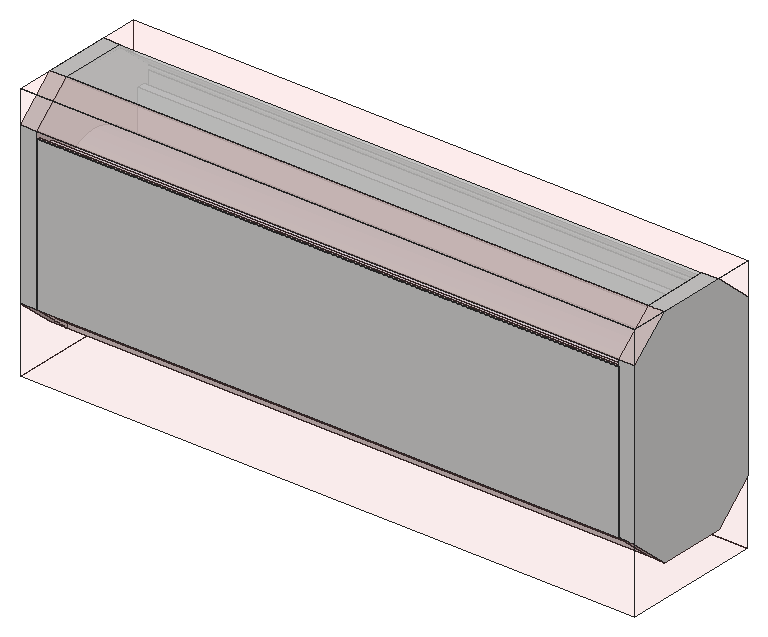
Revit family "Air-Curtain_Customer-Entry_PoweredAire_MP", category Mechanical Equipment, host Face, Revit 2024
Family settings
  Host = Face
  Round Connector Dimension = Use Diameter
  Part Type = Normal
  OmniClass Number = 23.75.35.17.21
  OmniClass Title = Air Curtains
  Cut with Voids When Loaded = No
  Maintain Annotation Orientation = No
  Shared = No
  Room Calculation Point = No
Parameters
  Warranty Duration (Years) = 0
  Unit Width Notes = "Other Widths available."  # constant formula
  Unit Width = 3' - 1"
  Unit Weight = 0
  Unit Height = 0' - 8 1/2"
  Unit Depth = 1' - 1 1/2"
  URL = "http://www.poweredaire.com/"
  Test Data = ""
  Standards Conformance = "as Specified"
  Specification = "http://www.arcat.com/sdspecs/htm04/23_34_33pai.htm"
  SpecWizard = ""
  Sound Pressure = "as Specified"
  Sales Information = "http://www.poweredaire.com/contact_us"
  Revision = "R1_2016-08"
  Projection from Host [instance] = 0' - 2"
  Product Properties = ""
  Product Data = "http://www.arcat.com/arcatcos/cos47/arc47623.html"
  Power Rating = 0 W
  Nozzle Width = if(1 = 1, Unit Width - 0' 2", 0' 0")  # 2' - 11"
  Mounting Width = if(1 = 1, Unit Width - 0' 1", 0' 0")  # 3' - 0"
  Mounting Height [instance] = 3' - 6"
  Motor RPM = 0
  Motor HP = 0
  Motor Count = 0
  Model = "As Specified"
  Max Height = 0' - 0"
  Manufacturer Website = "http://www.poweredaire.com/"
  Manufacturer Phone - Toll Free = "888-321-2473"
  Manufacturer Phone = "724-588-3305"
  Manufacturer Fax = "724-588-3371"
  Manufacturer Address = "109 Mortensen Rd.  Greenville, PA 16125"
  Manufacturer = "Powered Aire, Inc"
  Maintenance Schedule (Months) = 0
  Keynote = "23 34 33"
  Installation-Fabrication = ""
  Installation Phase = ""
  Include Clearance [instance] = yes
  Heating Element Load = 0 W
  HVAC_Temperature Rise = 0 °F
  HVAC_Outlet Volume = 0 CFM
  HVAC_Outlet Velocity Uniformity = 0
  HVAC_Outlet Velocity = 0 FPM
  Green Building-LEED = "http://www.arcat.com/green/clients/leed_data_47623.html"
  Front Grating Material [instance] = Metal - Steel - PoweredAire - Stainless 304 Perforated
  Frame Finish [instance] = Metal - Steel - PoweredAire - Stainless 304
  Expected Lifespan (Years) = 0
  Electrical_Wattage [instance] = Power Rating + Heating Element Load  # 0 W
  Electrical_Voltage [instance] = 0 V
  Electrical_Phase [instance] = 1
  Electrical_Frequency [instance] = 0 Hz
  Electrical_Amperage [instance] = 0 A
  Drawn By = "Sumex Design, Inc. / Robert S. Weygant, CSI, CDT, SCIP"
  Description = "Powered Aire Air Curtain as Specified"
  Default Elevation = 0' - 0"  # constant formula
  Copyright = "©Arcat Inc."
  Construction Details = "http://www.arcat.com/details/powair/prod3336.html"
  Clearance_Top [instance] = 0' - 0"
  Clearance_Side B [instance] = 0' - 0"
  Clearance_Side A [instance] = 0' - 0"
  Clearance_Intake [instance] = 0' - 0"
  Clearance_Bottom [instance] = 0' - 0"
  Clearance Material [instance] = ARCAT Clearance
  Building Codes = ""
  Available Options [instance] = "as Specified"
  Assembly Code = "D3090400"
Reference planes (in)
  plane 1 "Center (Elevation)": y = 0.13818
  plane 2: z = 0
  plane 3 "Center (Left/Right)": x = 0
  plane 4: y = 4.38818
  plane 5: y = -4.11182
  plane 6: x = -18.5
  plane 7: x = 18.5
  plane 8: z = 15.5
  plane 9 "FF": y = -41.86182
  plane 10: z = 2
  plane 11: x = 17.5
  plane 12: x = -17.5
  plane 13: y = 4.38818
  plane 14: y = -4.11182
  plane 15: x = -18.5
  plane 16: x = 18.5
  plane 17: z = 15.5
Forms (in)
  Extrusion 1, solid, material "Metal - Steel - PoweredAire - Stainless 304" <- "Frame Finish"
    sketch origin (0, 0, 0) x (0, 1, 0) y (0, 0, 1)
      loop
        line (2.13818, 2) -> (4.38818, 3.94454) -> (4.38818, 13.55546) -> (2.13818, 15.5) -> (-1.86182, 15.5) -> (-4.11182, 13.55546) -> (-4.11182, 3.94454) -> (-1.86182, 2) -> (2.13818, 2)
    from 17.5 to 18.5
  Extrusion 2, solid, material "Metal - Steel - PoweredAire - Stainless 304" <- "Frame Finish"
    sketch origin (0, 0, 0) x (0, 1, 0) y (0, 0, -1)
      loop
        line (2.13818, -2) -> (-1.86182, -2) -> (-4.11182, -3.94454) -> (-4.11182, -13.55546) -> (-1.86182, -15.5) -> (2.13818, -15.5) -> (4.38818, -13.55546) -> (4.38818, -3.94454) -> (2.13818, -2)
    from 17.5 to 18.5
  Extrusion 3, solid, material "Metal - Steel - PoweredAire - Stainless 304" <- "Frame Finish"
    sketch origin (0, 0, 0) x (0, 1, 0) y (0, 0, 1)
      loop
        line (-1.86182, 2) -> (2.13818, 2) -> (4.38818, 3.94454) -> (4.38818, 13.19454) -> (4.26318, 13.19454) -> (4.26318, 3.99632) -> (2.0979, 2.125) -> (-1.73682, 2.125) -> (-1.73682, 4.06954) -> (-3.98682, 4.06954) -> (-3.98682, 13.19454) -> (-4.11182, 13.19454) -> (-4.11182, 3.94454) -> (-1.86182, 3.94454) -> (-1.86182, 2)
      loop
        line (-3.39819, 3.61034) -> (-2.6202, 2.83235) -> (-2.49472, 2.95783) -> (-3.27271, 3.73583) -> (-3.39819, 3.61034)
    from -17.5 to 17.5
  Extrusion 4, solid, material "Metal - Steel - PoweredAire - Stainless 304 Perforated" <- "Front Grating Material"
    sketch origin (0, 0, 0) x (0, 1, 0) y (0, 0, 1)
      loop
        line (-4.11182, 13.19454) -> (-3.98682, 13.19454) -> (-3.98682, 13.50368) -> (-1.82155, 15.375) -> (2.0979, 15.375) -> (4.26318, 13.50368) -> (4.26318, 13.19454) -> (4.38818, 13.19454) -> (4.38818, 13.55546) -> (2.13818, 15.5) -> (-1.86182, 15.5) -> (-4.11182, 13.55546) -> (-4.11182, 13.19454)
    from -17.5 to 17.5
  Extrusion 5, solid, material "ARCAT Clearance" <- "Clearance Material", visible <- "Include Clearance"
    sketch origin (0, 0, 0) x (0, 1, 0) y (0, 0, 1)
      loop
        line (-4.11182, 15.5) -> (-4.11182, 0) -> (4.38818, 0) -> (4.38818, 15.5) -> (-4.11182, 15.5)
    from -18.5 to 18.5
  Extrusion 6, solid
    sketch origin (0, 0, 0) x (0, 1, 0) y (0, 0, 1)
      loop
        line (-3.59559, 12.66567) -> (-3.59559, 4.66567) -> (-3.09559, 4.66567) -> (-3.09559, 12.66567) -> (-3.59559, 12.66567)
      loop
        circle (0.13818, 9.1356) r 2.75
      loop
        line (3.87195, 12.66567) -> (3.37195, 12.66567) -> (3.37195, 4.66567) -> (3.87195, 4.66567) -> (3.87195, 12.66567)
    from -17.5 to 17.5
Dimensions and locks (in)
  equal spacing: plane 4, plane 1 "Center (Elevation)", plane 5
  "Unit Height": plane 4 to plane 5
  equal spacing: plane 6, plane 3 "Center (Left/Right)", plane 7
  "Unit Width": plane 6 to plane 7
  "Mounting Height": plane 1 "Center (Elevation)" to plane 9 "FF"
  "Projection from Host": plane 10 to level
  "Unit Depth": plane 8 to plane 10
  locked: plane 6 to plane 12 at 1
  locked: plane 11 to plane 7 at 1
  "Clearance_Side A": plane 7 to plane 16
  "Clearance_Side B": plane 15 to plane 6
  "Clearance_Top": plane 13 to plane 4
  "Clearance_Bottom": plane 5 to plane 14
  "Clearance_Intake": plane 17 to plane 8
  aligned and locked: plane 2 to host face
  aligned and locked: level to host face
  aligned and locked: plane 7 to Extrusion 1
  aligned and locked: Extrusion 1 to plane 11
  aligned and locked: plane 12 to Extrusion 2
  aligned and locked: Extrusion 2 to plane 6
  aligned and locked: plane 11 to Extrusion 3
  aligned and locked: Extrusion 3 to plane 12
  aligned and locked: plane 11 to Extrusion 4
  aligned and locked: Extrusion 4 to plane 12
  aligned and locked: Extrusion 5 sketch curve to plane 17
  aligned and locked: plane 14 to Extrusion 5 sketch curve
  aligned and locked: level to Extrusion 5 sketch curve
  aligned and locked: Extrusion 5 sketch curve to plane 13
  aligned and locked: plane 16 to Extrusion 5
  aligned and locked: Extrusion 5 to plane 15
  aligned and locked: plane 11 to Extrusion 6
  aligned and locked: Extrusion 6 to plane 12
Automatic sketch dimensions
  host sketch curve to host sketch curve = 8' - 0"  (x2)
  Extrusion 1 sketch curve to plane 5 = 0' - 0"
  Extrusion 1 sketch curve to plane 8 = 0' - 0"
  Extrusion 1 sketch curve to plane 4 = 0' - 0"
  plane 1 "Center (Elevation)" to Extrusion 1 sketch curve = 0' - 2"
  Extrusion 1 sketch curve to plane 1 "Center (Elevation)" = 0' - 2"  (x2)
  plane 10 to Extrusion 1 sketch curve = 0' - 1.94454"  (x2)
  Extrusion 1 sketch curve to plane 8 = 0' - 1.94454"  (x2)
  plane 5 to Extrusion 1 sketch curve = 0' - 2 1/4"
  Extrusion 1 sketch curve to plane 10 = 0' - 0"
  Extrusion 2 sketch curve to plane 5 = 0' - 0"
  Extrusion 2 sketch curve to plane 8 = 0' - 0"
  Extrusion 2 sketch curve to plane 10 = 0' - 0"
  Extrusion 2 sketch curve to plane 4 = 0' - 0"
  plane 1 "Center (Elevation)" to Extrusion 2 sketch curve = 0' - 2"
  Extrusion 2 sketch curve to plane 1 "Center (Elevation)" = 0' - 2"  (x2)
  Extrusion 2 sketch curve to plane 8 = 0' - 1.94454"  (x2)
  plane 10 to Extrusion 2 sketch curve = 0' - 1.94454"  (x2)
  plane 5 to Extrusion 2 sketch curve = 0' - 2 1/4"
  Extrusion 4 sketch curve to plane 5 = 0' - 0"
  Extrusion 4 sketch curve to plane 8 = 0' - 0"
  Extrusion 4 sketch curve to plane 4 = 0' - 0"
  plane 5 to Extrusion 4 sketch curve = 0' - 0 1/8"
  plane 1 "Center (Elevation)" to Extrusion 4 sketch curve = 0' - 2"
  Extrusion 4 sketch curve to Extrusion 4 sketch curve = 0' - 0.04027"  (x2)
  Extrusion 4 sketch curve to Extrusion 4 sketch curve = 0' - 0 1/8"
  Extrusion 4 sketch curve to plane 8 = 0' - 1.94454"  (x2)
  Extrusion 4 sketch curve to Extrusion 4 sketch curve = 0' - 0.05178"  (x2)
  Extrusion 4 sketch curve to Extrusion 4 sketch curve = 0' - 0.30914"  (x2)
  Extrusion 4 sketch curve to plane 8 = 0' - 0 1/8"
  Extrusion 4 sketch curve to plane 1 "Center (Elevation)" = 0' - 1.95973"
  Extrusion 3 sketch curve to plane 5 = 0' - 0"
  Extrusion 3 sketch curve to plane 4 = 0' - 0"
  plane 5 to Extrusion 3 sketch curve = 0' - 0 1/8"
  plane 5 to Extrusion 3 sketch curve = 0' - 0.71363"
  Extrusion 3 sketch curve to Extrusion 3 sketch curve = 0' - 0.12548"  (x2)
  Extrusion 3 sketch curve to Extrusion 3 sketch curve = 0' - 0.778"
  Extrusion 3 sketch curve to Extrusion 3 sketch curve = 0' - 0.63289"
  Extrusion 3 sketch curve to Extrusion 3 sketch curve = 0' - 0 1/8"  (x2)
  Extrusion 3 sketch curve to plane 4 = 0' - 0 1/8"
  plane 10 to Extrusion 3 sketch curve = 0' - 0.83235"
  Extrusion 3 sketch curve to Extrusion 3 sketch curve = 0' - 0.3342"
  plane 10 to Extrusion 3 sketch curve = 0' - 1.94454"
  Extrusion 3 sketch curve to Extrusion 3 sketch curve = 0' - 0.05178"
  Extrusion 3 sketch curve to plane 8 = 0' - 2.30546"  (x2)
  Extrusion 3 sketch curve to plane 1 "Center (Elevation)" = 0' - 2"
  plane 10 to Extrusion 3 sketch curve = 0' - 0 1/8"
  Extrusion 3 sketch curve to Extrusion 3 sketch curve = 0' - 0.04027"
  Extrusion 3 sketch curve to plane 10 = 0' - 0"
  Extrusion 6 sketch curve to plane 1 "Center (Elevation)" = 0' - 0"
  plane 5 to Extrusion 6 sketch curve = 0' - 1.01623"
  Extrusion 6 sketch curve to Extrusion 6 sketch curve = 0' - 0 1/2"  (x2)
  Extrusion 6 sketch curve to plane 4 = 0' - 1.01623"
  plane 10 to Extrusion 6 sketch curve = 0' - 2.66567"  (x2)
  Extrusion 6 sketch curve to Extrusion 6 sketch curve = 0' - 4.46993"
  Extrusion 6 sketch curve to plane 8 = 0' - 2.83433"  (x2)
  radius of Extrusion 6 sketch curve = 0' - 2 3/4"
Connectors (in)
  electrical at (0, 4.38818, 8.56954), driven by "Electrical_Phase", driven by "Electrical_Voltage"
    settings: on Extrusion 3, index 1, voltage 0 V, apparent load 0 VA, apparent load phase1 0 VA, apparent load phase2 0 VA, apparent load phase3 0 VA, power factor 1, load classification "Motor", number of poles 1, system type 31, power factor state 1, is connector primary yes, connector utility no, sub classification motor no, connector description ""
